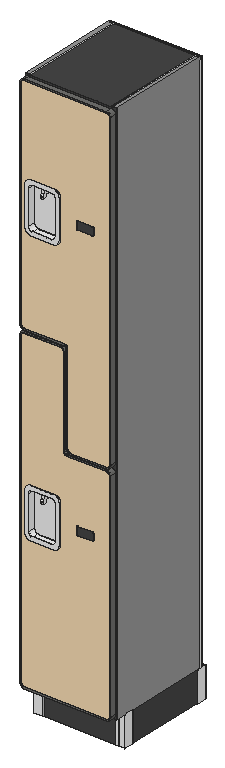
Revit family "Wood_Lockers-Salsbury_Industries-37000_Series-1_Wide_Units", category Specialty Equipment, Revit 2016
Family settings
  Part Type = Normal
  Round Connector Dimension = Use Diameter
  OmniClass Number = 23.40.00.00
  OmniClass Title = Equipment and Furnishings
  Work Plane-Based = No
  Always vertical = Yes
  Cut with Voids When Loaded = No
  Shared = No
  Room Calculation Point = No
Parameters (values of type "37165")
  Width = 12.000"
  Version = "2.0 (07/14/17)"
  Unit Trim = Melamine - Salsbury Finish - Black
  Unit Height including Sloping Hood Only [instance] = 77.743"
  Unit Height including Base Only [instance] = 76.000"
  URL = "www.lockers.com"
  Type Comments = "Designer Wood Lockers - Double Tier 'S' Style"
  Total Doors Height [instance] = if(Unit Height = 72.000", 71.750", if(Unit Height = 60.000", 59.750", 0.000"))  # 71.750"
  Sloping Top Corner Filler - Right Side [instance] = Wood Locker Sloping Corner Fillers : None
  Sloping Top Corner Filler - Left Side [instance] = Wood Locker Sloping Corner Fillers : None
  Sloping In-Line Filler - Right Side [instance] = Wood Locker Sloping In-Line Fillers : None
  Sloping In-Line Filler - Left Side [instance] = Wood Locker Sloping In-Line Fillers : None
  Sloping Hood Height = if(Depth = 15.000", 5.743", if(Depth = 18.000", 6.868", if(Depth = 21.000", 7.993", if(Depth = 24.000", 9.118", 0.000"))))  # 5.743"
  Sloping Hood [instance] = Wood Locker Sloping Hoods : None
  Side Panel without Slope - Right Side [instance] = Wood Locker Side Panels-No Slope : None
  Side Panel without Slope - Left Side [instance] = Wood Locker Side Panels-No Slope : None
  Side Panel with Slope - Right Side [instance] = Wood Locker Side Panels-With Slope : None
  Side Panel with Slope - Left Side [instance] = Wood Locker Side Panels-With Slope : None
  Secondary Structure Materials = Particle Board Industrial Grade - Salsbury Finish - Black Melamine Overlay
  Primary Structure Materials = Particle Board Industrial Grade - Salsbury Finish - White Melamine Inlay
  Overall Unit Height including Base and Sloping Hood [instance] = 81.743"
  OmniClass 23 Title = "Equipment and Furnishings"
  OmniClass 23 Number = "23.40.00.00"
  Model = "37165"
  MasterFormat Title = "Lockers"
  MasterFormat Code = "10 51 23"
  Manufacturer = "Salsbury Industries"
  Laminate Surface [instance] = Wood Laminate - Salsbury Finish - Maple with Industrial Grade Particleboard Underlay
  Individual Door Width [instance] = 11.875"
  Unit Height = 72.000"
  Individual Door Height = if(Unit Height = 72.000", 42.062", if(Unit Height = 60.000", 36.062", 0.000"))  # 42.062"
  Hardware = Aluminum - Salsbury Finish - Black Satin
  Front Vertical Filler - Right Side [instance] = Wood Locker Front Fillers : None
  Front Vertical Filler - Left Side [instance] = Wood Locker Front Fillers : None
  Front Corner Filler - Right Side [instance] = Wood Locker Front Corner Filler : None
  Front Corner Filler - Left Side [instance] = Wood Locker Front Corner Filler : None
  Flat Top In-Line Filler - Right Side [instance] = Wood Locker Flat In-Line Fillers : None
  Flat Top In-Line Filler - Left Side [instance] = Wood Locker Flat In-Line Fillers : None
  Flat Top Corner Filler - Right Side [instance] = Wood Locker Flat Corner Fillers : None
  Flat Top Corner Filler - Left Side [instance] = Wood Locker Flat Corner Fillers : None
  Fascia Filler [instance] = Wood Locker Fascia Fillers : None
  Double Side Panel without Slope - Right Side [instance] = Wood Locker Double Side Panels-No Slope : None
  Double Side Panel without Slope - Left Side [instance] = Wood Locker Double Side Panels-No Slope : None
  Double Side Panel with Slope - Right Side [instance] = Wood Locker Double Side Panels-With Slope : None
  Double Side Panel with Slope - Left Side [instance] = Wood Locker Double Side Panels-With Slope : None
  Door Trim = Rubber Trim - Salsbury Finish - Textured
  Door Location D2 = Wood Locker S-Style Bottom Doors : Double Tier Bottom S-Door for Six Foot High Locker
  Door Location D1 = Wood Locker S-Style Top Doors : Double Tier Top S-Door for Six Foot High Locker
  Description = "1 Wide - 6 Feet High - 15 inches Deep - with Base"
  Depth = 15.000"
  Compartment Width [instance] = 10.750"
  Compartment Height [instance] = if(Unit Height = 72.000", 41.153", if(Unit Height = 60.000", 35.153", 0.000"))  # 41.153"
  Compartment Depth [instance] = 13.750"
  Base Height = 4.000"
  Base Depth [instance] = 13.250"
  Base = Wood Locker Bases : Base - 12" W x 15" D Lockers
  Assembly Code = "C1030310"
Reference planes (in)
  plane 1 "Center (Front/Back)": y = 0
  plane 2: z = 0
  plane 3 "Center (Left/Right)": x = 0
  plane 4 "Right Side of Unit": x = 6
  plane 5 "Left Side of Unit": x = -6
  plane 6 "Back of Unit": y = 7.5
  plane 7 "Front of Unit": y = -7.5
  plane 8 "Bottom of Base": z = 0
  plane 9 "Top Edge of Unit": z = 76
  plane 10 "Top of Base Edge": z = 4
  plane 11: z = 81.743
  plane 12 "Right Compartment Edge": x = 5.406
  plane 13 "Left Compartment Edge": x = -5.406
  plane 14 "Front Melamine Edge": y = -6.5
  plane 15 "Back Compartment Edge": y = 7.281
  plane 16 "Front Compartment Edge": y = -6.469
  plane 17 "Front Edge of Base": y = -5.125
  plane 18 "Bottom Edge of Door": z = 4.125
  plane 19 "Top Edge of Door": z = 75.875
  plane 20 "Bottom Compartment Edge": z = 4.75
  plane 21 "Top Compartment Edge": z = 75.25
  plane 22 "Center Top and Bottom": z = 40
  plane 23 "Left Melamine Edge": x = -5.375
  plane 24 "Right Melamine Edge": x = 5.375
  plane 25 "Back Melamine Edge": y = 7.25
  plane 26 "Left Edge of Door": x = -5.875
  plane 27: y = 8.125
  plane 28: y = -5.75
  plane 29 "Base / Ventillation Alignment": y = 8.125
  plane 30 "Compartment Shelf 1": z = 46.653
  plane 31: z = 45.903
  plane 32: z = 46.187
  plane 33: z = 46.375
  plane 34: x = 0.375
  plane 35: x = -0.375
  plane 36 "Compartment Shelf 2": z = 34.097
  plane 37: z = 33.347
  plane 38: z = 48.153
  plane 39: z = 31.847
Forms (in)
  Extrusion 1, solid, material "Particle Board Industrial Grade - Salsbury Finish - White Melamine Inlay" <- "Primary Structure Materials"
    sketch origin (6, 0, 0) x (0, -1, 0) y (0, 0, 1)
      loop
        line (6.469, 76) -> (-7.25, 76) -> (-7.25, 4) -> (6.469, 4) -> (6.469, 76)
    from 0 to 0.594
  Extrusion 2, solid, material "Particle Board Industrial Grade - Salsbury Finish - White Melamine Inlay" <- "Primary Structure Materials"
    sketch origin (-6, 0, 0) x (0, -1, 0) y (0, 0, 1)
      loop
        line (-7.25, 76) -> (-7.25, 4) -> (6.469, 4) -> (6.469, 76) -> (-7.25, 76)
    from 0 to -0.594
  Extrusion 3, solid, material "Particle Board Industrial Grade - Salsbury Finish - Black Melamine Overlay" <- "Secondary Structure Materials"
    sketch origin (0, 0, 4) x (0, -1, 0) y (1, 0, 0)
      loop
        line (-7.25, -5.375) -> (6.5, -5.375) -> (6.5, 5.375) -> (-7.25, 5.375) -> (-7.25, -5.375)
    from 0 to 0.75
  Extrusion 4, solid, material "Particle Board Industrial Grade - Salsbury Finish - Black Melamine Overlay" <- "Secondary Structure Materials"
    sketch origin (0, 0, 76) x (0, -1, 0) y (1, 0, 0)
      loop
        line (-7.25, -5.375) -> (6.5, -5.375) -> (6.5, 5.375) -> (-7.25, 5.375) -> (-7.25, -5.375)
    from 0 to -0.75
  Extrusion 5, solid, material "Particle Board Industrial Grade - Salsbury Finish - White Melamine Inlay" <- "Primary Structure Materials"
    sketch origin (0, 7.5, 0) x (1, 0, 0) y (0, 0, 1)
      loop
        line (-6, 76) -> (-6, 4) -> (6, 4) -> (6, 76) -> (-6, 76)
    from 0 to 0.219
  Extrusion 6, solid, material "Melamine - Salsbury Finish - Black" <- "Unit Trim"
    sketch origin (0, -6.469, 0) x (1, 0, 0) y (0, 0, 1)
      loop
        line (-6, 76) -> (-6, 4) -> (-5.375, 4) -> (-5.375, 76) -> (-6, 76)
    from 0 to 0.031
  Extrusion 7, solid, material "Melamine - Salsbury Finish - Black" <- "Unit Trim"
    sketch origin (0, -6.469, 0) x (-1, 0, 0) y (0, 0, -1)
      loop
        line (-6, -76) -> (-5.375, -76) -> (-5.375, -4) -> (-6, -4) -> (-6, -76)
    from 0 to 0.031
  Extrusion 8, solid, material "Melamine - Salsbury Finish - White"
    sketch origin (0, 7.25, 0) x (1, 0, 0) y (0, 0, 1)
      loop
        line (-6, 76) -> (-6, 4) -> (6, 4) -> (6, 76) -> (-6, 76)
    from -0.031 to 0
  Extrusion 9, solid, material "Melamine - Salsbury Finish - White"
    sketch origin (-5.406, 0, 0) x (0, -1, 0) y (0, 0, 1)
      loop
        line (-7.25, 76) -> (-7.25, 4) -> (6.469, 4) -> (6.469, 76) -> (-7.25, 76)
    from 0 to -0.031
  Extrusion 10, solid, material "Melamine - Salsbury Finish - White"
    sketch origin (5.406, 0, 0) x (0, -1, 0) y (0, 0, 1)
      loop
        line (6.469, 76) -> (-7.25, 76) -> (-7.25, 4) -> (6.469, 4) -> (6.469, 76)
    from 0 to 0.031
  Extrusion 11, solid, material "Particle Board Industrial Grade - Salsbury Finish - Black Melamine Overlay" <- "Secondary Structure Materials", detail levels fine
    sketch origin (0, 0, 46.653) x (0, -1, 0) y (1, 0, 0)
      loop
        line (-7.25, -5.375) -> (6.5, -5.375) -> (6.5, -0.375) -> (-7.25, -0.375) -> (-7.25, -5.375)
    from 0 to -0.75
  Extrusion 12, solid, material "Particle Board Industrial Grade - Salsbury Finish - Black Melamine Overlay" <- "Secondary Structure Materials", detail levels fine
    sketch origin (0, 0, 34.097) x (0, -1, 0) y (1, 0, 0)
      loop
        line (-7.25, 0.375) -> (6.5, 0.375) -> (6.5, 5.375) -> (-7.25, 5.375) -> (-7.25, 0.375)
    from 0 to -0.75
  Extrusion 13, solid, material "Particle Board Industrial Grade - Salsbury Finish - Black Melamine Overlay" <- "Secondary Structure Materials", detail levels fine
    sketch origin (0, 7.25, 0) x (1, 0, 0) y (0, 0, 1)
      loop
        line (-0.375, 48.153) -> (-0.375, 31.847) -> (0.375, 31.847) -> (0.375, 48.153) -> (-0.375, 48.153)
    from 0 to 13.75
Lines and regions (in)
  symbolic lines
    curve 1: line (-6, 7.25, 76) -> (6.0000605, 7.25, 76)
    curve 2: line (-6, 7.25, 0) -> (-6, 7.25, 76)
    curve 3: line (6.0000605, 7.25, 76) -> (6.0000605, 7.25, 0)
    curve 4: line (5.406, -6.5, 76) -> (5.406, 8.125, 76)
    curve 5: line (5.406, -6.5, 0) -> (5.406, -6.5, 76)
    curve 6: line (5.406, 8.125, 76) -> (5.406, 8.125, 0)
    curve 7: line (6.0000605, 7.25, 0) -> (-6, 7.25, 0)
    curve 8: line (5.406, -5.125, 0) -> (5.406, 8.125, 0)
    curve 9: line (5.406, 8.125, 0) -> (5.406, -5.125, 0)
    curve 10: line (5.406, -6.5, 0) -> (5.406, 8.125, 0)
    curve 11: line (-6, 8.125, 0) -> (6, 8.125, 0)
    curve 12: line (-6, -6.5, 0) -> (-6, 8.125, 0)
    curve 13: line (6, -6.5, 0) -> (-6, -6.5, 0)
    curve 14: line (6, 8.125, 0) -> (6, -6.5, 0)
Dimensions and locks (in)
  equal spacing: plane 5 "Left Side of Unit", plane 3 "Center (Left/Right)", plane 4 "Right Side of Unit"
  "Width": plane 5 "Left Side of Unit" to plane 4 "Right Side of Unit"
  equal spacing: plane 7 "Front of Unit", plane 1 "Center (Front/Back)", plane 6 "Back of Unit"
  "Depth": plane 7 "Front of Unit" to plane 6 "Back of Unit"
  "Base Height": plane 10 "Top of Base Edge" to plane 8 "Bottom of Base"
  "Unit Height": plane 9 "Top Edge of Unit" to plane 10 "Top of Base Edge"
  "Sloping Hood Height": plane 11 to plane 9 "Top Edge of Unit"
  locked: plane 12 "Right Compartment Edge" to plane 4 "Right Side of Unit" at 0.594
  locked: plane 5 "Left Side of Unit" to plane 13 "Left Compartment Edge" at 0.594
  locked: plane 7 "Front of Unit" to plane 14 "Front Melamine Edge" at 1
  locked: plane 15 "Back Compartment Edge" to plane 6 "Back of Unit" at 0.219
  locked: plane 14 "Front Melamine Edge" to plane 16 "Front Compartment Edge" at 0.031
  plane 18 "Bottom Edge of Door" to plane 10 "Top of Base Edge" = 0.125"
  plane 9 "Top Edge of Unit" to plane 19 "Top Edge of Door" = 0.125"
  plane 20 "Bottom Compartment Edge" to plane 10 "Top of Base Edge" = 0.750"
  plane 9 "Top Edge of Unit" to plane 21 "Top Compartment Edge" = 0.750"
  equal spacing: plane 9 "Top Edge of Unit", plane 22 "Center Top and Bottom", plane 10 "Top of Base Edge"
  locked: plane 24 "Right Melamine Edge" to plane 12 "Right Compartment Edge" at 0.031
  locked: plane 13 "Left Compartment Edge" to plane 23 "Left Melamine Edge" at 0.031
  locked: plane 25 "Back Melamine Edge" to plane 15 "Back Compartment Edge" at 0.031
  locked: plane 5 "Left Side of Unit" to plane 26 "Left Edge of Door" at 0.125
  "Individual Door Width": plane 26 "Left Edge of Door" to plane 4 "Right Side of Unit"
  "Total Doors Height": plane 19 "Top Edge of Door" to plane 18 "Bottom Edge of Door"
  "Unit Height including Base Only": plane 9 "Top Edge of Unit" to plane 8 "Bottom of Base"
  "Unit Height including Sloping Hood Only": plane 11 to plane 10 "Top of Base Edge"
  "Overall Unit Height including Base and Sloping Hood": plane 11 to plane 8 "Bottom of Base"
  locked: plane 7 "Front of Unit" to plane 17 "Front Edge of Base" at 2.375
  locked: plane 6 "Back of Unit" to plane 27 at 0.625
  "Base Depth": plane 17 "Front Edge of Base" to plane 27
  "Compartment Width": plane 23 "Left Melamine Edge" to plane 24 "Right Melamine Edge"
  "Compartment Height": plane 31 to plane 20 "Bottom Compartment Edge"
  "Compartment Depth": plane 14 "Front Melamine Edge" to plane 25 "Back Melamine Edge"
  locked: plane 14 "Front Melamine Edge" to plane 28 at 0.75
  plane 14 "Front Melamine Edge" to plane 27 = 14.625"
  Extrusion 2 to Extrusion 9 = 13.719"
  plane 6 "Back of Unit" to plane 29 "Base / Ventillation Alignment" = 0.625"
  locked: plane 30 "Compartment Shelf 1" to plane 31 at 0.75
  locked: plane 33 to plane 32 at 0.188
  "Individual Door Height": plane 32 to plane 18 "Bottom Edge of Door"
  plane 35 to plane 3 "Center (Left/Right)" to plane 34 = 0.375" locked, 0.375" locked
  locked: plane 36 "Compartment Shelf 2" to plane 37 at 0.75
  "Compartment Height": plane 21 "Top Compartment Edge" to plane 36 "Compartment Shelf 2"
  locked: plane 37 to plane 39 at 1.5
  locked: plane 38 to plane 30 "Compartment Shelf 1" at 1.5
  aligned and locked: level to plane 2
  aligned and locked: plane 15 "Back Compartment Edge" to Extrusion 5
  aligned and locked: plane 4 "Right Side of Unit" to nested 1
  aligned and locked: plane 18 "Bottom Edge of Door" to nested 1
  aligned and locked: plane 7 "Front of Unit" to nested 1
  aligned and locked: plane 9 "Top Edge of Unit" to nested 2
  aligned and locked: plane 14 "Front Melamine Edge" to nested 2
  aligned and locked: plane 5 "Left Side of Unit" to nested 3
  aligned and locked: plane 14 "Front Melamine Edge" to nested 3
  aligned and locked: plane 9 "Top Edge of Unit" to nested 3
  aligned and locked: plane 4 "Right Side of Unit" to nested 4
  aligned and locked: nested 4 to plane 9 "Top Edge of Unit"
  aligned and locked: nested 4 to plane 14 "Front Melamine Edge"
  aligned and locked: plane 9 "Top Edge of Unit" to nested 5
  aligned and locked: plane 28 to nested 5
  aligned and locked: nested 6 to plane 28
  aligned and locked: plane 5 "Left Side of Unit" to nested 6
  aligned and locked: plane 4 "Right Side of Unit" to nested 5
  aligned and locked: nested 6 to plane 9 "Top Edge of Unit"
  aligned and locked: nested 8 to plane 5 "Left Side of Unit"
  aligned and locked: nested 7 to plane 4 "Right Side of Unit"
  aligned and locked: plane 14 "Front Melamine Edge" to nested 7
  aligned and locked: nested 8 to plane 14 "Front Melamine Edge"
  aligned and locked: plane 10 "Top of Base Edge" to nested 7
  aligned and locked: nested 8 to plane 10 "Top of Base Edge"
  aligned and locked: plane 5 "Left Side of Unit" to nested 9
  aligned and locked: plane 4 "Right Side of Unit" to nested 10
  aligned and locked: nested 10 to plane 10 "Top of Base Edge"
  aligned and locked: plane 10 "Top of Base Edge" to nested 9
  aligned and locked: plane 16 "Front Compartment Edge" to nested 10
  aligned and locked: nested 9 to plane 14 "Front Melamine Edge"
  aligned and locked: plane 4 "Right Side of Unit" to nested 11
  aligned and locked: nested 11 to plane 10 "Top of Base Edge"
  aligned and locked: plane 14 "Front Melamine Edge" to nested 11
  aligned and locked: plane 14 "Front Melamine Edge" to nested 12
  aligned and locked: nested 12 to nested 4
  aligned and locked: plane 10 "Top of Base Edge" to nested 12
  aligned and locked: nested 13 to plane 5 "Left Side of Unit"
  aligned and locked: nested 13 to plane 14 "Front Melamine Edge"
  aligned and locked: nested 13 to plane 10 "Top of Base Edge"
  aligned and locked: plane 14 "Front Melamine Edge" to nested 14
  aligned and locked: nested 14 to plane 4 "Right Side of Unit"
  aligned and locked: nested 15 to plane 14 "Front Melamine Edge"
  aligned and locked: nested 15 to plane 5 "Left Side of Unit"
  aligned and locked: plane 10 "Top of Base Edge" to nested 14
  aligned and locked: nested 15 to plane 10 "Top of Base Edge"
  aligned and locked: plane 14 "Front Melamine Edge" to nested 16
  aligned and locked: plane 4 "Right Side of Unit" to nested 16
  aligned and locked: nested 17 to plane 14 "Front Melamine Edge"
  aligned and locked: plane 5 "Left Side of Unit" to nested 17
  aligned and locked: nested 16 to plane 8 "Bottom of Base"
  aligned and locked: nested 17 to plane 8 "Bottom of Base"
  aligned and locked: nested 18 to plane 5 "Left Side of Unit"
  aligned and locked: nested 19 to plane 4 "Right Side of Unit"
  aligned and locked: nested 19 to plane 14 "Front Melamine Edge"
  aligned and locked: plane 14 "Front Melamine Edge" to nested 18
  aligned and locked: plane 8 "Bottom of Base" to nested 19
  aligned and locked: nested 18 to plane 8 "Bottom of Base"
  aligned and locked: plane 17 "Front Edge of Base" to nested 20
  aligned and locked: plane 9 "Top Edge of Unit" to nested 21
  aligned and locked: plane 5 "Left Side of Unit" to nested 21
  aligned and locked: nested 22 to plane 9 "Top Edge of Unit"
  aligned and locked: plane 4 "Right Side of Unit" to nested 22
  aligned and locked: nested 22 to plane 14 "Front Melamine Edge"
  aligned and locked: nested 21 to plane 14 "Front Melamine Edge"
  aligned and locked: nested 24 to plane 9 "Top Edge of Unit"
  aligned and locked: plane 4 "Right Side of Unit" to nested 24
  aligned and locked: nested 23 to plane 9 "Top Edge of Unit"
  aligned and locked: plane 5 "Left Side of Unit" to nested 23
  aligned and locked: nested 24 to plane 28
  aligned and locked: nested 23 to plane 28
  aligned and locked: plane 14 "Front Melamine Edge" to nested 25
  aligned and locked: plane 9 "Top Edge of Unit" to nested 25
  aligned and locked: plane 8 "Bottom of Base" to nested 20
  aligned and locked: plane 3 "Center (Left/Right)" to nested 20
  aligned and locked: plane 25 "Back Melamine Edge" to Extrusion 3 sketch curve
  aligned and locked: Extrusion 3 sketch curve to plane 23 "Left Melamine Edge"
  aligned and locked: plane 24 "Right Melamine Edge" to Extrusion 3 sketch curve
  aligned and locked: Extrusion 3 sketch curve to plane 14 "Front Melamine Edge"
  aligned and locked: Extrusion 3 to plane 20 "Bottom Compartment Edge"
  aligned and locked: plane 10 "Top of Base Edge" to Extrusion 3
  aligned and locked: plane 25 "Back Melamine Edge" to Extrusion 4 sketch curve
  aligned and locked: plane 24 "Right Melamine Edge" to Extrusion 4 sketch curve
  aligned and locked: Extrusion 4 sketch curve to plane 23 "Left Melamine Edge"
  aligned and locked: Extrusion 4 sketch curve to plane 14 "Front Melamine Edge"
  aligned and locked: Extrusion 4 to plane 9 "Top Edge of Unit"
  aligned and locked: plane 21 "Top Compartment Edge" to Extrusion 4
  aligned and locked: Extrusion 2 sketch curve to plane 9 "Top Edge of Unit"
  aligned and locked: plane 16 "Front Compartment Edge" to Extrusion 2 sketch curve
  aligned and locked: Extrusion 2 sketch curve to plane 25 "Back Melamine Edge"
  aligned and locked: plane 10 "Top of Base Edge" to Extrusion 2 sketch curve
  aligned and locked: Extrusion 2 to plane 13 "Left Compartment Edge"
  aligned and locked: plane 5 "Left Side of Unit" to Extrusion 2
  aligned and locked: plane 10 "Top of Base Edge" to Extrusion 9 sketch curve
  aligned and locked: Extrusion 9 sketch curve to plane 25 "Back Melamine Edge"
  aligned and locked: Extrusion 9 sketch curve to plane 9 "Top Edge of Unit"
  aligned and locked: Extrusion 1 sketch curve to plane 16 "Front Compartment Edge"
  aligned and locked: plane 9 "Top Edge of Unit" to Extrusion 1 sketch curve
  aligned and locked: Extrusion 1 sketch curve to plane 10 "Top of Base Edge"
  aligned and locked: plane 25 "Back Melamine Edge" to Extrusion 1 sketch curve
  aligned and locked: Extrusion 1 to plane 4 "Right Side of Unit"
  aligned and locked: plane 12 "Right Compartment Edge" to Extrusion 1
  aligned and locked: Extrusion 10 sketch curve to plane 10 "Top of Base Edge"
  aligned and locked: plane 25 "Back Melamine Edge" to Extrusion 10 sketch curve
  aligned and locked: Extrusion 10 sketch curve to plane 16 "Front Compartment Edge"
  aligned and locked: plane 9 "Top Edge of Unit" to Extrusion 10 sketch curve
  aligned and locked: Extrusion 10 to plane 12 "Right Compartment Edge"
  aligned and locked: plane 24 "Right Melamine Edge" to Extrusion 10
  aligned and locked: Extrusion 8 sketch curve to plane 10 "Top of Base Edge"
  aligned and locked: plane 4 "Right Side of Unit" to Extrusion 8 sketch curve
  aligned and locked: plane 9 "Top Edge of Unit" to Extrusion 8 sketch curve
  aligned and locked: Extrusion 8 sketch curve to plane 5 "Left Side of Unit"
  aligned and locked: Extrusion 8 to plane 15 "Back Compartment Edge"
  aligned and locked: plane 25 "Back Melamine Edge" to Extrusion 8
  aligned and locked: plane 9 "Top Edge of Unit" to Extrusion 5 sketch curve
  aligned and locked: Extrusion 5 sketch curve to plane 5 "Left Side of Unit"
  aligned and locked: Extrusion 5 sketch curve to plane 10 "Top of Base Edge"
  aligned and locked: plane 4 "Right Side of Unit" to Extrusion 5 sketch curve
  aligned and locked: Extrusion 7 sketch curve to plane 9 "Top Edge of Unit"
  aligned and locked: Extrusion 7 sketch curve to plane 4 "Right Side of Unit"
  aligned and locked: plane 24 "Right Melamine Edge" to Extrusion 7 sketch curve
  aligned and locked: plane 10 "Top of Base Edge" to Extrusion 7 sketch curve
  aligned and locked: Extrusion 7 to plane 16 "Front Compartment Edge"
  aligned and locked: plane 14 "Front Melamine Edge" to Extrusion 7
  aligned and locked: Extrusion 6 sketch curve to plane 10 "Top of Base Edge"
  aligned and locked: plane 23 "Left Melamine Edge" to Extrusion 6 sketch curve
  aligned and locked: Extrusion 6 sketch curve to plane 5 "Left Side of Unit"
  aligned and locked: plane 9 "Top Edge of Unit" to Extrusion 6 sketch curve
  aligned and locked: Extrusion 6 to plane 16 "Front Compartment Edge"
  aligned and locked: plane 14 "Front Melamine Edge" to Extrusion 6
  aligned and locked: plane 16 "Front Compartment Edge" to Extrusion 9
  aligned and locked: Extrusion 9 to Extrusion 3
  aligned and locked: plane 13 "Left Compartment Edge" to Extrusion 9
  aligned and locked: nested 3 to curve 1
  aligned and locked: curve 2 to nested 17
  aligned and locked: curve 4 to nested 2
  aligned and locked: nested 16 to curve 5
  aligned and locked: curve 9 to nested 20
  aligned and locked: curve 10 to nested 16
  aligned and locked: curve 13 to plane 14 "Front Melamine Edge"
  aligned and locked: curve 12 to plane 5 "Left Side of Unit"
  aligned and locked: plane 29 "Base / Ventillation Alignment" to curve 11
  aligned and locked: plane 3 "Center (Left/Right)" to nested 2
  aligned and locked: plane 3 "Center (Left/Right)" to nested 25
  aligned and locked: plane 29 "Base / Ventillation Alignment" to curve 6
  aligned and locked: plane 25 "Back Melamine Edge" to Extrusion 11 sketch curve
  aligned and locked: Extrusion 11 sketch curve to plane 14 "Front Melamine Edge"
  aligned and locked: plane 31 to Extrusion 11
  aligned and locked: Extrusion 11 to plane 30 "Compartment Shelf 1"
  aligned and locked: plane 4 "Right Side of Unit" to nested 26
  aligned and locked: plane 7 "Front of Unit" to nested 26
  aligned and locked: plane 19 "Top Edge of Door" to nested 26
  aligned and locked: Extrusion 11 sketch curve to plane 23 "Left Melamine Edge"
  aligned and locked: plane 35 to Extrusion 11 sketch curve
  aligned and locked: Extrusion 12 to plane 36 "Compartment Shelf 2"
  aligned and locked: plane 37 to Extrusion 12
  aligned and locked: plane 24 "Right Melamine Edge" to Extrusion 12 sketch curve
  aligned and locked: Extrusion 12 sketch curve to plane 34
  aligned and locked: plane 25 "Back Melamine Edge" to Extrusion 12 sketch curve
  aligned and locked: Extrusion 12 sketch curve to plane 14 "Front Melamine Edge"
  aligned and locked: plane 38 to Extrusion 13 sketch curve
  aligned and locked: Extrusion 13 sketch curve to plane 35
  aligned and locked: Extrusion 13 sketch curve to plane 39
  aligned and locked: plane 34 to Extrusion 13 sketch curve
  aligned and locked: plane 14 "Front Melamine Edge" to Extrusion 13
  aligned and locked: Extrusion 3 to Extrusion 13
Automatic sketch dimensions
  Extrusion 9 sketch curve to plane 16 "Front Compartment Edge" = 0.000"
  curve 3 to level = 0.000"
  curve 3 to plane 4 "Right Side of Unit" = 0.00006"
  curve 8 to plane 17 "Front Edge of Base" = 0.000"
  curve 9 to plane 17 "Front Edge of Base" = 0.000"
  curve 13 to plane 4 "Right Side of Unit" = 0.000"
Nested families (in)
  nested 1: "Wood Locker S-Style Bottom Doors" at (0.0625, -7.125, 4.125), type <- "Door Location D2", type "Double Tier Bottom S-Door for Six Foot High Locker"
  nested 2: "Wood Locker Sloping Hoods" at (0, 0.8125, 76), type <- "Sloping Hood", type "None"
  nested 3: "Wood Locker Sloping Corner Fillers" at (-15.25, 0.5, 76), type <- "Sloping Top Corner Filler - Left Side", type "None"
  nested 4: "Wood Locker Sloping Corner Fillers" at (15.25, 0.5, 76) x (-1, 0, 0) z (0, 0, 1), type <- "Sloping Top Corner Filler - Right Side", type "None"
  nested 5: "Wood Locker Flat Corner Fillers" at (13.5, -2.125, 75.25), type <- "Flat Top Corner Filler - Right Side", type "None"
  nested 6: "Wood Locker Flat Corner Fillers" at (-13.5, -2.125, 75.25) x (-1, 0, 0) z (0, 0, 1), type <- "Flat Top Corner Filler - Left Side", type "None"
  nested 7: "Wood Locker Side Panels-No Slope" at (6.375, 0.5, 4) x (0, 1, 0) z (0, 0, 1), type <- "Side Panel without Slope - Right Side", type "None"
  nested 8: "Wood Locker Side Panels-No Slope" at (-6.375, 0.5, 4) x (0, 1, 0) z (0, 0, 1), type <- "Side Panel without Slope - Left Side", type "None"
  nested 9: "Wood Locker Side Panels-With Slope" at (-6.375, 0.5, 4) x (0, -1, 0) z (0, 0, 1), type <- "Side Panel with Slope - Left Side", type "None"
  nested 10: "Wood Locker Side Panels-With Slope" at (6.375, 0.531, 4) x (0, -1, 0) z (0, 0, 1), type <- "Side Panel with Slope - Right Side", type "None"
  nested 11: "Wood Locker Side Panels-With Slope" at (6.375, 0.5, 4) x (0, -1, 0) z (0, 0, 1), type <- "Side Panel with Slope - Right Side", type "None"
  nested 12: "Wood Locker Double Side Panels-No Slope" at (6.375, 0.5, 4) x (0, 1, 0) z (0, 0, 1), type <- "Double Side Panel without Slope - Right Side", type "None"
  nested 13: "Wood Locker Double Side Panels-No Slope" at (-6.375, 0.5, 4) x (0, 1, 0) z (0, 0, 1), type <- "Double Side Panel without Slope - Left Side", type "None"
  nested 14: "Wood Locker Double Side Panels-With Slope" at (6.375, 0.5, 4) x (0, 1, 0) z (0, 0, 1), type <- "Double Side Panel with Slope - Right Side", type "None"
  nested 15: "Wood Locker Double Side Panels-With Slope" at (-6.375, 0.5, 4) x (0, 1, 0) z (0, 0, 1), type <- "Double Side Panel with Slope - Left Side", type "None"
  nested 16: "Wood Locker Front Fillers" at (13.5, -6.125, 0), type <- "Front Vertical Filler - Right Side", type "None"
  nested 17: "Wood Locker Front Fillers" at (-13.5, -6.125, 0) x (-1, 0, 0) z (0, 0, 1), type <- "Front Vertical Filler - Left Side", type "None"
  nested 18: "Wood Locker Front Corner Filler" at (-7.125, -6.125, 0), type <- "Front Corner Filler - Left Side", type "None"
  nested 19: "Wood Locker Front Corner Filler" at (7.125, -6.125, 0) x (-1, 0, 0) z (0, 0, 1), type <- "Front Corner Filler - Right Side", type "None"
  nested 20: "Wood Locker Bases" at (0, 1.5, 0), type <- "Base", type "Base - 12" W x 15" D Lockers"
  nested 21: "Wood Locker Sloping In-Line Fillers" at (-12, 0.5, 76), type <- "Sloping In-Line Filler - Left Side", type "None"
  nested 22: "Wood Locker Sloping In-Line Fillers" at (12, 0.5, 76) x (-1, 0, 0) z (0, 0, 1), type <- "Sloping In-Line Filler - Right Side", type "None"
  nested 23: "Wood Locker Flat In-Line Fillers" at (-13.5, 0.875, 75.25), type <- "Flat Top In-Line Filler - Left Side", type "None"
  nested 24: "Wood Locker Flat In-Line Fillers" at (13.5, 0.875, 75.25) x (-1, 0, 0) z (0, 0, 1), type <- "Flat Top In-Line Filler - Right Side", type "None"
  nested 25: "Wood Locker Fascia Fillers" at (0, -6.125, 76), type <- "Fascia Filler", type "None"
  nested 26: "Wood Locker S-Style Top Doors" at (0.0625, -7.125, 33.813), type <- "Door Location D1", type "Double Tier Top S-Door for Six Foot High Locker"
Definition of nested family "Wood Locker S-Style Bottom Doors"
  Parameters (values of type "Double Tier Bottom S-Door for Six Foot High Locker")
    Width = 11.875"
    Visible Number Plates = yes
    Visible Center Hinge = no
    Short Panel Edge = 29.500"
    Primary Structure Materials = none
    Number Tag-Vertical Offset = 21.031"
    Number Tag-Horizontal Offset = 3.3125"
    Number Tag Width = 2.250"
    Number Tag Height = 1.063"
    Model = "Designer Locker Doors"
    Manufacturer = "Salsbury Industries"
    Long Panel Edge = 5.812"
    Laminate Surface = none
    Height = 42.062"
    Hasp Vertical Offset = 0.000"
    Door Trim = none
    Door Hasps = none
    Depth = 0.750"
  Types (3): name | Width | Short Panel Edge | Number Tag-Vertical Offset | Number Tag-Horizontal Offset | Long Panel Edge | Height
    Double Tier Bottom S-Door for Six Foot High Locker | 11.875" | 29.500" | 21.031" | 3.3125" | 5.812" | 42.062"
    Double Tier Bottom S-Door for Five Foot High Locker | 11.875" | 23.500" | 18.031" | 3.3125" | 5.812" | 36.062"
    Extra Wide Double Tier Bottom S-Door | 14.875" | 29.500" | 21.031" | 4.813" | 7.250" | 42.062"
  Reference planes (in)
    plane 1 "Center (Front/Back)": y = 0
    plane 2: z = 0
    plane 3 "Center (Left/Right)": x = 0
    plane 4 "Left Side of Door": x = -5.9375
    plane 5 "Right Side of Door": x = 5.9375
    plane 6 "Back of Door": y = 0.375
    plane 7 "Front of Door": y = -0.375
    plane 8 "Bottom of Door": z = 0
    plane 9 "Top of Door": z = 42.062
    plane 10 "Center of Door": z = 21.031
    plane 11 "Top of Number Tag": z = 21.5625
    plane 12 "Bottom of Number Tag": z = 20.4995
    plane 13 "Left Side of Number Tag": x = 1.5
    plane 14 "Right Side of Number Tag": x = 3.75
    plane 15 "Horizontal Center of Number Tag": x = 2.625
    plane 16 "Center of Number Tag": z = 21.031
    plane 17 "Left Side of Hasp": x = -5.1875
    plane 18 "Right Side of Hasp": x = -0.6875
    plane 19 "Hasp Vertical Center": z = 21.031
    plane 20 "Top of Hasp": z = 24.281
    plane 21 "Bottom of Hasp": z = 17.781
    plane 22 "Front of Hasp": y = -0.5
    plane 23 "Left Side of Door-Right Side of Trim": x = -5.8125
    plane 24 "Right Side of Door-Left Side of Trim": x = 5.8125
    plane 25 "Top of Door-Bottom of Trim": z = 41.937
    plane 26 "Bottom of Door-Top of Trim": z = 0.125
    plane 27 "Laminate-Particleboard Line": y = -0.344
    plane 28 "Melamine-Particleboard Line": y = 0.344
    plane 29 "Back of Number Plate Inset": y = -0.313
    plane 30 "Center of Hasp": x = -2.9375
    plane 31 "Hasp Inset-Left": x = -4.6875
    plane 32 "Hasp Inset-Right": x = -1.1875
    plane 33 "Hasp Inset-Top": z = 23.781
    plane 34 "Hasp Inset-Bottom": z = 18.281
    plane 35: z = 23.937
    plane 36: z = 24.125
    plane 37 "Hasp Letters - Left Side": x = -3.8435
    plane 38 "Hasp Letters - Right Side": x = -2.0315
    plane 39 "Hasp Handle - Left Side": x = -3.0935
    plane 40 "Hasp Handle - Right Side": x = -2.7815
    plane 41 "Hasp Handle - Bottom": z = 22.656
    plane 42 "Hasp Handle - Lip": z = 23.093
    plane 43 "Hasp Handle - Lock Area Bottom": z = 23.031
    plane 44 "Hasp Handle - Center of Lock Hole": z = 23.406
    plane 45: y = -0.188
    plane 46 "Door Stopper Plane": y = 0.625
    plane 47 "Bottom of Hasp Hole": z = 18.218
    plane 48 "Top of Hasp Hole": z = 23.844
    plane 49 "Left Side of Hasp Hole": x = -4.7505
    plane 50 "Right Side of Hasp Hole": x = -1.125
    plane 51: x = -5.4125
    plane 52: z = 41.537
    plane 53 "Top Hinge": z = 26.5
    plane 54: x = 5.3125
    plane 55 "Bottom Hinge": z = 3
    plane 56 "Long Panel Edge": x = -0.1255
    plane 57: z = 29.5
    plane 58: x = -0.2505
    plane 59: z = 29.375
  Forms (in)
    Extrusion 1, solid, detail levels fine
      sketch origin (0, 0, 0) x (1, 0, 0) y (0, 0, 1)
        loop
          arc (-5.8125, 0.525) -> (-5.6953427, 0.2421573) -> (-5.4125, 0.125) r 0.4
          line (-5.4125, 0.125) -> (5.4125, 0.125)
          arc (5.4125, 0.125) -> (5.6953427, 0.2421573) -> (5.8125, 0.525) r 0.4
          line (5.8125, 0.525) -> (5.8125, 28.975)
          arc (5.8125, 28.975) -> (5.6953427, 29.2578427) -> (5.4125, 29.375) r 0.4
          line (5.4125, 29.375) -> (0.1495, 29.375)
          arc (0.1495, 29.375) -> (-0.1333427, 29.4921573) -> (-0.2505, 29.775) r 0.4
          line (-0.2505, 29.775) -> (-0.2505, 41.537)
          arc (-0.2505, 41.537) -> (-0.3676573, 41.8198427) -> (-0.6505, 41.937) r 0.4
          line (-0.6505, 41.937) -> (-5.4125, 41.937)
          arc (-5.4125, 41.937) -> (-5.6953427, 41.8198427) -> (-5.8125, 41.537) r 0.4
          line (-5.8125, 41.537) -> (-5.8125, 0.525)
      from -0.344 to 0.344
    Extrusion 2, solid, material <- "Primary Structure Materials"
      sketch origin (0, 0.375, 0) x (1, 0, 0) y (0, 0, 1)
        loop
          arc (-5.8125, 0.525) -> (-5.6953427, 0.2421573) -> (-5.4125, 0.125) r 0.4
          line (-5.4125, 0.125) -> (5.4125, 0.125)
          arc (5.4125, 0.125) -> (5.6953427, 0.2421573) -> (5.8125, 0.525) r 0.4
          line (5.8125, 0.525) -> (5.8125, 28.975)
          arc (5.8125, 28.975) -> (5.6953427, 29.2578427) -> (5.4125, 29.375) r 0.4
          line (5.4125, 29.375) -> (0.1495, 29.375)
          arc (0.1495, 29.375) -> (-0.1333427, 29.4921573) -> (-0.2505, 29.775) r 0.4
          line (-0.2505, 29.775) -> (-0.2505, 41.537)
          arc (-0.2505, 41.537) -> (-0.3676573, 41.8198427) -> (-0.6505, 41.937) r 0.4
          line (-0.6505, 41.937) -> (-5.4125, 41.937)
          arc (-5.4125, 41.937) -> (-5.6953427, 41.8198427) -> (-5.8125, 41.537) r 0.4
          line (-5.8125, 41.537) -> (-5.8125, 0.525)
      from 0.031 to 0
    Extrusion 3, solid, material <- "Laminate Surface"
      sketch origin (0, -0.375, 0) x (1, 0, 0) y (0, 0, 1)
        loop
          arc (-5.8125, 0.525) -> (-5.6953427, 0.2421573) -> (-5.4125, 0.125) r 0.4
          line (-5.4125, 0.125) -> (5.4125, 0.125)
          arc (5.4125, 0.125) -> (5.6953427, 0.2421573) -> (5.8125, 0.525) r 0.4
          line (5.8125, 0.525) -> (5.8125, 28.975)
          arc (5.8125, 28.975) -> (5.6953427, 29.2578427) -> (5.4125, 29.375) r 0.4
          line (5.4125, 29.375) -> (0.1495, 29.375)
          arc (0.1495, 29.375) -> (-0.1333427, 29.4921573) -> (-0.2505, 29.775) r 0.4
          line (-0.2505, 29.775) -> (-0.2505, 41.537)
          arc (-0.2505, 41.537) -> (-0.3676573, 41.8198427) -> (-0.6505, 41.937) r 0.4
          line (-0.6505, 41.937) -> (-5.4125, 41.937)
          arc (-5.4125, 41.937) -> (-5.6953427, 41.8198427) -> (-5.8125, 41.537) r 0.4
          line (-5.8125, 41.537) -> (-5.8125, 0.525)
      from 0 to -0.031
    Sweep 4, solid, material <- "Door Trim"
      path origin (0, 0, 0) x (1, 0, 0) y (0, 0, 1)
        loop
          arc (-5.4125, 41.937) -> (-5.6953427, 41.8198427) -> (-5.8125, 41.537) r 0.4
          line (-5.8125, 41.537) -> (-5.8125, 0.525)
          arc (-5.8125, 0.525) -> (-5.6953427, 0.2421573) -> (-5.4125, 0.125) r 0.4
          line (-5.4125, 0.125) -> (5.4125, 0.125)
          arc (5.4125, 0.125) -> (5.6953427, 0.2421573) -> (5.8125, 0.525) r 0.4
          line (5.8125, 0.525) -> (5.8125, 28.975)
          arc (5.8125, 28.975) -> (5.6953427, 29.2578427) -> (5.4125, 29.375) r 0.4
          line (5.4125, 29.375) -> (0.1495, 29.375)
          arc (0.1495, 29.375) -> (-0.1333427, 29.4921573) -> (-0.2505, 29.775) r 0.4
          line (-0.2505, 29.775) -> (-0.2505, 41.537)
          arc (-0.2505, 41.537) -> (-0.3676573, 41.8198427) -> (-0.6505, 41.937) r 0.4
          line (-0.6505, 41.937) -> (-5.4125, 41.937)
      profile origin (-5.6953427, 0, 41.8198427) x (0.707107, 0, -0.707107) y (0, -1, 0)
        loop
          line (-0.125, 0.375) -> (-0.125, -0.375) -> (0, -0.375) -> (0, 0.375) -> (-0.125, 0.375)
    Extrusion 5, void
      sketch origin (0, -0.313, 0) x (1, 0, 0) y (0, 0, 1)
        loop
          arc (1.6491576, 21.5625) -> (1.5436872, 21.5188128) -> (1.5, 21.4133424) r 0.1491576
          line (1.5, 21.4133424) -> (1.5, 20.6486576)
          arc (1.5, 20.6486576) -> (1.5436872, 20.5431872) -> (1.6491576, 20.4995) r 0.1491576
          line (1.6491576, 20.4995) -> (3.6008424, 20.4995)
          arc (3.6008424, 20.4995) -> (3.7063128, 20.5431872) -> (3.75, 20.6486576) r 0.1491576
          line (3.75, 20.6486576) -> (3.75, 21.4133424)
          arc (3.75, 21.4133424) -> (3.7063128, 21.5188128) -> (3.6008424, 21.5625) r 0.1491576
          line (3.6008424, 21.5625) -> (1.6491576, 21.5625)
      from 0 to 0.062
    Extrusion 6, solid, visible <- "Visible Number Plates", detail levels medium+fine
      sketch origin (0, -0.375, 0) x (1, 0, 0) y (0, 0, 1)
        loop
          arc (1.6491576, 21.5625) -> (1.5436872, 21.5188128) -> (1.5, 21.4133424) r 0.1491576
          line (1.5, 21.4133424) -> (1.5, 20.6486576)
          arc (1.5, 20.6486576) -> (1.5436872, 20.5431872) -> (1.6491576, 20.4995) r 0.1491576
          line (1.6491576, 20.4995) -> (3.6008424, 20.4995)
          arc (3.6008424, 20.4995) -> (3.7063128, 20.5431872) -> (3.75, 20.6486576) r 0.1491576
          line (3.75, 20.6486576) -> (3.75, 21.4133424)
          arc (3.75, 21.4133424) -> (3.7063128, 21.5188128) -> (3.6008424, 21.5625) r 0.1491576
          line (3.6008424, 21.5625) -> (1.6491576, 21.5625)
      from -0.062 to 0
    Extrusion 7, void
      sketch origin (0, 0.375, 0) x (1, 0, 0) y (0, 0, 1)
        loop
          line (-4.7505, 23.344) -> (-4.7505, 18.718)
          arc (-4.7505, 18.718) -> (-4.6040534, 18.3644466) -> (-4.2505, 18.218) r 0.5
          line (-4.2505, 18.218) -> (-1.625, 18.218)
          arc (-1.625, 18.218) -> (-1.2714466, 18.3644466) -> (-1.125, 18.718) r 0.5
          line (-1.125, 18.718) -> (-1.125, 23.344)
          arc (-1.125, 23.344) -> (-1.2714466, 23.6975534) -> (-1.625, 23.844) r 0.5
          line (-1.625, 23.844) -> (-4.2505, 23.844)
          arc (-4.2505, 23.844) -> (-4.6040534, 23.6975534) -> (-4.7505, 23.344) r 0.5
      from 0 to 0.875
    Extrusion 8, solid, material <- "Door Hasps"
      sketch origin (0, -0.5, 0) x (-1, 0, 0) y (0, 0, 1)
        loop
          arc (1.4375, 24.281) -> (0.9071699, 24.0613301) -> (0.6875, 23.531) r 0.75
          line (0.6875, 23.531) -> (0.6875, 18.531)
          arc (0.6875, 18.531) -> (0.9071699, 18.0006699) -> (1.4375, 17.781) r 0.75
          line (1.4375, 17.781) -> (4.4375, 17.781)
          arc (4.4375, 17.781) -> (4.9678301, 18.0006699) -> (5.1875, 18.531) r 0.75
          line (5.1875, 18.531) -> (5.1875, 23.531)
          arc (5.1875, 23.531) -> (4.9678301, 24.0613301) -> (4.4375, 24.281) r 0.75
          line (4.4375, 24.281) -> (1.4375, 24.281)
      from 0 to 1.125
    Extrusion 9, void
      sketch origin (0, 0.375, 0) x (1, 0, 0) y (0, 0, 1)
        loop
          arc (-4.1875, 23.781) -> (-4.5410534, 23.6345534) -> (-4.6875, 23.281) r 0.5
          line (-4.6875, 23.281) -> (-4.6875, 18.781)
          arc (-4.6875, 18.781) -> (-4.5410534, 18.4274466) -> (-4.1875, 18.281) r 0.5
          line (-4.1875, 18.281) -> (-1.6875, 18.281)
          arc (-1.6875, 18.281) -> (-1.3339466, 18.4274466) -> (-1.1875, 18.781) r 0.5
          line (-1.1875, 18.781) -> (-1.1875, 23.281)
          arc (-1.1875, 23.281) -> (-1.3339466, 23.6345534) -> (-1.6875, 23.781) r 0.5
          line (-1.6875, 23.781) -> (-4.1875, 23.781)
      from 0 to 0.875
    Extrusion 10, solid, material <- "Door Hasps", detail levels medium+fine
      sketch origin (-2.9375, 0, 0) x (0, 0, -1) y (0, -1, 0)
        loop
          line (-23.781, -0.344) -> (-23.031, -0.344) -> (-23.031, 0.063)
          arc (-23.031, 0.063) -> (-22.9943883, 0.1513883) -> (-22.906, 0.188) r 0.125
          line (-22.906, 0.188) -> (-22.7548813, 0.188)
          arc (-22.7548813, 0.188) -> (-22.689657, 0.212199) -> (-22.656, 0.2730843) r 0.1
          line (-22.656, 0.2730843) -> (-22.656, 0.4149157)
          arc (-22.656, 0.4149157) -> (-22.689657, 0.475801) -> (-22.7548813, 0.5) r 0.1
          line (-22.7548813, 0.5) -> (-23.0070625, 0.5)
          arc (-23.0070625, 0.5) -> (-23.0645181, 0.4762011) -> (-23.088317, 0.4187455) r 0.0812545
          arc (-23.088317, 0.4187455) -> (-23.1075715, 0.3685045) -> (-23.1554714, 0.344) r 0.0751745
          line (-23.1554714, 0.344) -> (-23.781, 0.344) -> (-23.781, -0.344)
      from -0.156 to 0.156
    Extrusion 11, void, detail levels medium+fine
      sketch origin (-2.9375, 0, 0) x (0, 0, -1) y (0, -1, 0)
        loop
          circle (-23.406, 0) r 0.175
      from -0.156 to 0.156
    Extrusion 12, solid
      sketch origin (0, 0.375, 0) x (1, 0, 0) y (0, 0, 1)
        loop
          circle (-5.4125, 41.537) r 0.25
      from 0 to -0.25
    Extrusion 13, solid
      sketch origin (0, 0.375, 0) x (1, 0, 0) y (0, 0, 1)
        loop
          line (5.3125, 26.25) -> (5.3125, 26.75) -> (4.8125, 26.75) -> (4.8125, 26.25) -> (5.3125, 26.25)
      from 0 to -0.25
    Extrusion 14, solid
      sketch origin (0, 0.375, -0.25) x (1, 0, 0) y (0, 0, 1)
        loop
          line (5.3125, 3) -> (5.3125, 3.5) -> (4.8125, 3.5) -> (4.8125, 3) -> (5.3125, 3)
      from 0 to -0.25
    Extrusion 15, solid, visible <- "Visible Center Hinge"
      sketch origin (0, 0.375, -0.25) x (1, 0, 0) y (0, 0, 1)
        loop
          line (5.3125, 21.031) -> (5.3125, 21.531) -> (4.8125, 21.531) -> (4.8125, 21.031) -> (5.3125, 21.031)
      from 0 to -0.25
  Cuts and joins
    Extrusion 5, Extrusion 7, Extrusion 11 cuts Extrusion 1
    Extrusion 5, Extrusion 7 cuts Extrusion 3
    Extrusion 7 cuts Extrusion 2
    Extrusion 9, Extrusion 11 cuts Extrusion 8
    Extrusion 11 cuts Sweep 4
    Extrusion 11 cuts Extrusion 10
  Lines and regions (in)
    symbolic lines
      curve 1: line (0, 0.375, 42.062) -> (0, -0.375, 42.062)
      curve 2: line (0, 0.375, 0) -> (0, 0.375, 42.062)
      curve 3: line (0, -0.375, 0) -> (0, 0.375, 0)
      curve 4: line (0, -0.375, 42.062) -> (0, -0.375, 0)
      curve 5: line (0, 0.625, 41.287) -> (0, 0.375, 41.287)
      curve 6: line (0, 0.625, 41.787) -> (0, 0.375, 41.787)
      curve 7: line (0, 0.625, 41.787) -> (0, 0.625, 41.287)
      curve 8: line (0, -0.375, 24.281) -> (0, -0.5, 24.281)
      curve 9: line (0, -0.5, 24.281) -> (0, -0.5, 17.781)
      curve 10: line (0, -0.5, 17.781) -> (0, -0.375, 17.781)
      curve 11: line (0, 0.625, 3.25) -> (0, 0.375, 3.25)
      curve 12: line (0, 0.625, 2.75) -> (0, 0.375, 2.75)
      curve 13: line (0, 0.625, 2.75) -> (0, 0.625, 3.25)
      curve 14: line (0, 0.625, 26.75) -> (0, 0.375, 26.75)
      curve 15: line (0, 0.625, 26.25) -> (0, 0.375, 26.25)
      curve 16: line (0, 0.625, 26.25) -> (0, 0.625, 26.75)
      curve 17: arc (-5.9375, 0.375, 41.537) -> (-5.7837311, 0.375, 41.9082311) -> (-5.4125, 0.375, 42.062) r 0.525
      curve 18: arc (-0.1255, 0.375, 41.537) -> (-0.2792689, 0.375, 41.9082311) -> (-0.6505, 0.375, 42.062) r 0.525
      curve 19: arc (-0.1255, 0.375, 29.775) -> (-0.0449544, 0.375, 29.5805456) -> (0.1495, 0.375, 29.5) r 0.275
      curve 20: arc (5.9375, 0.375, 28.975) -> (5.7837311, 0.375, 29.3462311) -> (5.4125, 0.375, 29.5) r 0.525
      curve 21: arc (5.4125, 0.375, 0) -> (5.7837311, 0.375, 0.1537689) -> (5.9375, 0.375, 0.525) r 0.525
      curve 22: arc (-5.4125, 0.375, 0) -> (-5.7837311, 0.375, 0.1537689) -> (-5.9375, 0.375, 0.525) r 0.525
      curve 23: line (-5.4125, 0.375, 0) -> (5.4125, 0.375, 0)
      curve 24: line (5.9375, 0.375, 0.525) -> (5.9375, 0.375, 28.975)
      curve 25: line (5.4125, 0.375, 29.5) -> (0.1495, 0.375, 29.5)
      curve 26: line (-0.1255, 0.375, 29.775) -> (-0.1255, 0.375, 41.537)
      curve 27: line (-0.6505, 0.375, 42.062) -> (-5.4125, 0.375, 42.062)
      curve 28: line (-5.9375, 0.375, 41.537) -> (-5.9375, 0.375, 0.525)
      curve 29: arc (-5.1875, 0.375, 23.531) -> (-4.9678301, 0.375, 24.0613301) -> (-4.4375, 0.375, 24.281) r 0.75
      curve 30: arc (-1.4375, 0.375, 24.281) -> (-0.9071699, 0.375, 24.0613301) -> (-0.6875, 0.375, 23.531) r 0.75
      curve 31: arc (-0.6875, 0.375, 18.531) -> (-0.9071699, 0.375, 18.0006699) -> (-1.4375, 0.375, 17.781) r 0.75
      curve 32: arc (-4.4375, 0.375, 17.781) -> (-4.9678301, 0.375, 18.0006699) -> (-5.1875, 0.375, 18.531) r 0.75
      curve 33: line (-5.1875, 0.375, 18.531) -> (-5.1875, 0.375, 23.531)
      curve 34: line (-4.4375, 0.375, 24.281) -> (-1.4375, 0.375, 24.281)
      curve 35: line (-0.6875, 0.375, 23.531) -> (-0.6875, 0.375, 18.531)
      curve 36: line (-1.4375, 0.375, 17.781) -> (-4.4375, 0.375, 17.781)
      curve 37: arc (-4.1875, 0.375, 18.281) -> (-4.5410534, 0.375, 18.4274466) -> (-4.6875, 0.375, 18.781) r 0.5
      curve 38: arc (-1.6875, 0.375, 18.281) -> (-1.3339466, 0.375, 18.4274466) -> (-1.1875, 0.375, 18.781) r 0.5
      curve 39: arc (-1.1875, 0.375, 23.281) -> (-1.3339466, 0.375, 23.6345534) -> (-1.6875, 0.375, 23.781) r 0.5
      curve 40: arc (-4.6875, 0.375, 23.281) -> (-4.5410534, 0.375, 23.6345534) -> (-4.1875, 0.375, 23.781) r 0.5
      curve 41: line (-4.1875, 0.375, 23.781) -> (-1.6875, 0.375, 23.781)
      curve 42: line (-1.1875, 0.375, 23.281) -> (-1.1875, 0.375, 18.781)
      curve 43: line (-1.6875, 0.375, 18.281) -> (-4.1875, 0.375, 18.281)
      curve 44: line (-4.6875, 0.375, 18.781) -> (-4.6875, 0.375, 23.281)
      curve 45: line (-3.0935, 0.375, 22.656) -> (-3.0935, 0.375, 23.781)
      curve 46: line (-2.7815, 0.375, 22.656) -> (-2.7815, 0.375, 23.781)
      curve 47: line (-2.7815, 0.375, 22.656) -> (-3.0935, 0.375, 22.656)
      curve 48: arc (1.5, 0.375, 21.4133424) -> (1.5436872, 0.375, 21.5188128) -> (1.6491576, 0.375, 21.5625) r 0.1491576
      curve 49: arc (1.6491576, 0.375, 20.4995) -> (1.5436872, 0.375, 20.5431872) -> (1.5, 0.375, 20.6486576) r 0.1491576
      curve 50: arc (3.6008424, 0.375, 21.5625) -> (3.7063128, 0.375, 21.5188128) -> (3.75, 0.375, 21.4133424) r 0.1491576
      curve 51: arc (3.75, 0.375, 20.6486576) -> (3.7063128, 0.375, 20.5431872) -> (3.6008424, 0.375, 20.4995) r 0.1491576
      curve 52: line (3.75, 0.375, 21.4133424) -> (3.75, 0.375, 20.6486576)
      curve 53: line (3.6008424, 0.375, 20.4995) -> (1.6491576, 0.375, 20.4995)
      curve 54: line (1.5, 0.375, 20.6486576) -> (1.5, 0.375, 21.4133424)
      curve 55: line (1.6491576, 0.375, 21.5625) -> (3.6008424, 0.375, 21.5625)
  Dimensions and locks (in)
    equal spacing: plane 4 "Left Side of Door", plane 3 "Center (Left/Right)", plane 5 "Right Side of Door"
    "Width": plane 4 "Left Side of Door" to plane 5 "Right Side of Door"
    equal spacing: plane 7 "Front of Door", plane 1 "Center (Front/Back)", plane 6 "Back of Door"
    "Depth": plane 7 "Front of Door" to plane 6 "Back of Door"
    equal spacing: plane 9 "Top of Door", plane 10 "Center of Door", plane 8 "Bottom of Door"
    "Height": plane 9 "Top of Door" to plane 8 "Bottom of Door"
    equal spacing: plane 11 "Top of Number Tag", plane 16 "Center of Number Tag", plane 12 "Bottom of Number Tag"
    "Number Tag Height": plane 11 "Top of Number Tag" to plane 12 "Bottom of Number Tag"
    equal spacing: plane 14 "Right Side of Number Tag", plane 15 "Horizontal Center of Number Tag", plane 13 "Left Side of Number Tag"
    "Number Tag Width": plane 14 "Right Side of Number Tag" to plane 13 "Left Side of Number Tag"
    "Number Tag-Horizontal Offset": plane 15 "Horizontal Center of Number Tag" to plane 5 "Right Side of Door"
    "Number Tag-Vertical Offset": plane 9 "Top of Door" to plane 16 "Center of Number Tag"
    locked: plane 4 "Left Side of Door" to plane 17 "Left Side of Hasp" at 0.75
    equal spacing: plane 20 "Top of Hasp", plane 19 "Hasp Vertical Center", plane 21 "Bottom of Hasp", locked at 3.25 each
    plane 20 "Top of Hasp" to plane 21 "Bottom of Hasp" = 6.500"
    "Hasp Vertical Offset": plane 10 "Center of Door" to plane 19 "Hasp Vertical Center"
    plane 22 "Front of Hasp" to plane 7 "Front of Door" = 0.125"
    locked: plane 24 "Right Side of Door-Left Side of Trim" to plane 5 "Right Side of Door" at 0.125
    locked: plane 4 "Left Side of Door" to plane 23 "Left Side of Door-Right Side of Trim" at 0.125
    locked: plane 9 "Top of Door" to plane 25 "Top of Door-Bottom of Trim" at 0.125
    locked: plane 26 "Bottom of Door-Top of Trim" to plane 8 "Bottom of Door" at 0.125
    plane 28 "Melamine-Particleboard Line" to plane 6 "Back of Door" = 0.031"
    plane 7 "Front of Door" to plane 27 "Laminate-Particleboard Line" = 0.031"
    plane 27 "Laminate-Particleboard Line" to plane 29 "Back of Number Plate Inset" = 0.031"
    equal spacing: plane 18 "Right Side of Hasp", plane 30 "Center of Hasp", plane 17 "Left Side of Hasp"
    locked: plane 18 "Right Side of Hasp" to plane 17 "Left Side of Hasp" at 4.5
    plane 20 "Top of Hasp" to plane 33 "Hasp Inset-Top" = 0.500"
    plane 34 "Hasp Inset-Bottom" to plane 21 "Bottom of Hasp" = 0.500"
    plane 31 "Hasp Inset-Left" to plane 17 "Left Side of Hasp" = 0.500"
    plane 20 "Top of Hasp" to plane 36 to plane 35 to plane 33 "Hasp Inset-Top" = 0.156", 0.188", 0.156"
    plane 37 "Hasp Letters - Left Side" to plane 30 "Center of Hasp" to plane 38 "Hasp Letters - Right Side" = 0.906", 0.906"
    plane 32 "Hasp Inset-Right" to plane 18 "Right Side of Hasp" = 0.500"
    plane 40 "Hasp Handle - Right Side" to plane 30 "Center of Hasp" to plane 39 "Hasp Handle - Left Side" = 0.156", 0.156"
    plane 33 "Hasp Inset-Top" to plane 42 "Hasp Handle - Lip" to plane 43 "Hasp Handle - Lock Area Bottom" to plane 41 "Hasp Handle - Bottom" = 0.688", 0.062", 0.375"
    plane 48 "Top of Hasp Hole" to plane 33 "Hasp Inset-Top" to plane 44 "Hasp Handle - Center of Lock Hole" = 0.063", 0.375"
    plane 22 "Front of Hasp" to plane 45 = 0.312"
    plane 6 "Back of Door" to plane 46 "Door Stopper Plane" = 0.250"
    plane 32 "Hasp Inset-Right" to plane 50 "Right Side of Hasp Hole" = 0.0625"
    plane 34 "Hasp Inset-Bottom" to plane 47 "Bottom of Hasp Hole" = 0.063"
    plane 49 "Left Side of Hasp Hole" to plane 31 "Hasp Inset-Left" = 0.063"
    locked: plane 23 "Left Side of Door-Right Side of Trim" to plane 51 at 0.4
    locked: plane 25 "Top of Door-Bottom of Trim" to plane 52 at 0.4
    plane 54 to plane 5 "Right Side of Door" = 0.625"
    "Long Panel Edge": plane 4 "Left Side of Door" to plane 56 "Long Panel Edge"
    "Short Panel Edge": plane 57 to plane 8 "Bottom of Door"
    plane 57 to plane 59 = 0.125"
    plane 58 to plane 56 "Long Panel Edge" = 0.125"
    plane 57 to plane 53 "Top Hinge" = 3.000"
    aligned and locked: level to plane 2
    aligned and locked: Extrusion 5 to plane 11 "Top of Number Tag"
    aligned and locked: plane 12 "Bottom of Number Tag" to Extrusion 5
    aligned and locked: plane 14 "Right Side of Number Tag" to Extrusion 5
    aligned and locked: Extrusion 5 to plane 13 "Left Side of Number Tag"
    aligned and locked: Extrusion 5 to plane 29 "Back of Number Plate Inset"
    aligned and locked: plane 7 "Front of Door" to Extrusion 5
    aligned and locked: Extrusion 6 to plane 29 "Back of Number Plate Inset"
    aligned and locked: plane 7 "Front of Door" to Extrusion 6
    aligned and locked: plane 14 "Right Side of Number Tag" to Extrusion 6
    aligned and locked: Extrusion 6 to plane 13 "Left Side of Number Tag"
    aligned and locked: Extrusion 6 to plane 11 "Top of Number Tag"
    aligned and locked: plane 12 "Bottom of Number Tag" to Extrusion 6
    aligned and locked: cut or joined group of Extrusion 3, Extrusion 5, Extrusion 7 to plane 48 "Top of Hasp Hole"
    aligned and locked: plane 47 "Bottom of Hasp Hole" to cut or joined group of Extrusion 3, Extrusion 5, Extrusion 7
    aligned and locked: plane 49 "Left Side of Hasp Hole" to cut or joined group of Extrusion 3, Extrusion 5, Extrusion 7
    aligned and locked: cut or joined group of Extrusion 3, Extrusion 5, Extrusion 7 to plane 50 "Right Side of Hasp Hole"
    aligned and locked: Extrusion 10 to plane 33 "Hasp Inset-Top"
    aligned and locked: plane 41 "Hasp Handle - Bottom" to Extrusion 10
    aligned and locked: curve 1 to cut or joined group of Sweep 4, Extrusion 11
    aligned and locked: curve 2 to cut or joined group of Sweep 4, Extrusion 11
    aligned and locked: curve 3 to cut or joined group of Sweep 4, Extrusion 11
    aligned and locked: curve 4 to cut or joined group of Sweep 4, Extrusion 11
    aligned and locked: curve 5 to Extrusion 12
    aligned and locked: curve 7 to Extrusion 12
    aligned and locked: curve 8 to plane 20 "Top of Hasp"
    aligned and locked: curve 9 to cut or joined group of Extrusion 8, Extrusion 9, Extrusion 11
    aligned and locked: curve 10 to cut or joined group of Extrusion 8, Extrusion 9, Extrusion 11
    aligned and locked: Extrusion 14 to curve 11
    aligned and locked: curve 11 to Extrusion 14
    aligned and locked: curve 12 to Extrusion 14
    aligned and locked: curve 13 to Extrusion 14
    aligned and locked: Extrusion 13 to curve 14
    aligned and locked: curve 14 to Extrusion 13
    aligned and locked: curve 15 to Extrusion 13  (x2)
    aligned and locked: cut or joined group of Sweep 4, Extrusion 11 to curve 17
    aligned and locked: curve 17 to cut or joined group of Sweep 4, Extrusion 11
    aligned and locked: curve 18 to cut or joined group of Sweep 4, Extrusion 11
    aligned and locked: cut or joined group of Sweep 4, Extrusion 11 to curve 18
    aligned and locked: cut or joined group of Sweep 4, Extrusion 11 to curve 19
    aligned and locked: curve 19 to cut or joined group of Sweep 4, Extrusion 11
    aligned and locked: curve 20 to cut or joined group of Sweep 4, Extrusion 11
    aligned and locked: curve 21 to cut or joined group of Sweep 4, Extrusion 11
    aligned and locked: curve 22 to cut or joined group of Sweep 4, Extrusion 11
    aligned and locked: curve 23 to cut or joined group of Sweep 4, Extrusion 11
    aligned and locked: curve 24 to cut or joined group of Sweep 4, Extrusion 11
    aligned and locked: curve 25 to cut or joined group of Sweep 4, Extrusion 11
    aligned and locked: curve 29 to cut or joined group of Extrusion 8, Extrusion 9, Extrusion 11
    aligned and locked: curve 30 to cut or joined group of Extrusion 8, Extrusion 9, Extrusion 11
    aligned and locked: cut or joined group of Extrusion 8, Extrusion 9, Extrusion 11 to curve 30
    aligned and locked: curve 31 to cut or joined group of Extrusion 8, Extrusion 9, Extrusion 11
    aligned and locked: cut or joined group of Extrusion 8, Extrusion 9, Extrusion 11 to curve 31
    aligned and locked: curve 32 to cut or joined group of Extrusion 8, Extrusion 9, Extrusion 11
    aligned and locked: cut or joined group of Extrusion 8, Extrusion 9, Extrusion 11 to curve 32
    aligned and locked: curve 34 to cut or joined group of Extrusion 8, Extrusion 9, Extrusion 11
    aligned and locked: cut or joined group of Extrusion 8, Extrusion 9, Extrusion 11 to curve 37
    aligned and locked: cut or joined group of Extrusion 8, Extrusion 9, Extrusion 11 to curve 38
    aligned and locked: curve 39 to cut or joined group of Extrusion 8, Extrusion 9, Extrusion 11
    aligned and locked: cut or joined group of Extrusion 8, Extrusion 9, Extrusion 11 to curve 39
    aligned and locked: cut or joined group of Extrusion 8, Extrusion 9, Extrusion 11 to curve 40
    aligned and locked: curve 41 to cut or joined group of Extrusion 8, Extrusion 9, Extrusion 11
    aligned and locked: curve 43 to cut or joined group of Extrusion 8, Extrusion 9, Extrusion 11
    aligned and locked: curve 44 to cut or joined group of Extrusion 8, Extrusion 9, Extrusion 11
    aligned and locked: cut or joined group of Extrusion 10, Extrusion 11 to curve 45
    aligned and locked: curve 45 to cut or joined group of Extrusion 10, Extrusion 11
    aligned and locked: curve 46 to cut or joined group of Extrusion 10, Extrusion 11
    aligned and locked: curve 47 to cut or joined group of Extrusion 10, Extrusion 11
    aligned and locked: cut or joined group of Extrusion 1, Extrusion 5, Extrusion 7, Extrusion 11 to curve 48
    aligned and locked: cut or joined group of Extrusion 1, Extrusion 5, Extrusion 7, Extrusion 11 to curve 49
    aligned and locked: cut or joined group of Extrusion 1, Extrusion 5, Extrusion 7, Extrusion 11 to curve 50
    aligned and locked: cut or joined group of Extrusion 1, Extrusion 5, Extrusion 7, Extrusion 11 to curve 51
    aligned and locked: curve 52 to cut or joined group of Extrusion 1, Extrusion 5, Extrusion 7, Extrusion 11
    aligned and locked: curve 53 to cut or joined group of Extrusion 1, Extrusion 5, Extrusion 7, Extrusion 11
    aligned and locked: curve 54 to cut or joined group of Extrusion 1, Extrusion 5, Extrusion 7, Extrusion 11
    aligned and locked: curve 55 to cut or joined group of Extrusion 1, Extrusion 5, Extrusion 7, Extrusion 11
  Automatic sketch dimensions
    Extrusion 5 sketch curve to plane 13 "Left Side of Number Tag" = 0.000"
    Extrusion 5 sketch curve to plane 12 "Bottom of Number Tag" = 0.000"
    Extrusion 5 sketch curve to plane 11 "Top of Number Tag" = 0.000"
    Extrusion 5 sketch curve to plane 14 "Right Side of Number Tag" = 0.000"
    Extrusion 5 sketch curve to Extrusion 5 sketch curve = 0.14916"  (x3)
    plane 11 "Top of Number Tag" to Extrusion 5 sketch curve = 0.14916"
    plane 13 "Left Side of Number Tag" to Extrusion 6 sketch curve = 0.000"
    plane 11 "Top of Number Tag" to Extrusion 6 sketch curve = 0.000"
    plane 13 "Left Side of Number Tag" to Extrusion 6 sketch curve = 0.14916"  (x2)
    Extrusion 6 sketch curve to plane 14 "Right Side of Number Tag" = 0.14916"
    Extrusion 6 sketch curve to plane 14 "Right Side of Number Tag" = 0.000"
    Extrusion 6 sketch curve to plane 12 "Bottom of Number Tag" = 0.14916"
    Extrusion 6 sketch curve to plane 12 "Bottom of Number Tag" = 0.000"
    plane 31 "Hasp Inset-Left" to Extrusion 7 sketch curve = 0.063"
    plane 34 "Hasp Inset-Bottom" to Extrusion 7 sketch curve = 0.063"
    Extrusion 7 sketch curve to plane 33 "Hasp Inset-Top" = 0.063"
    Extrusion 7 sketch curve to plane 32 "Hasp Inset-Right" = 0.0625"
    Extrusion 7 sketch curve to plane 31 "Hasp Inset-Left" = 0.437"
